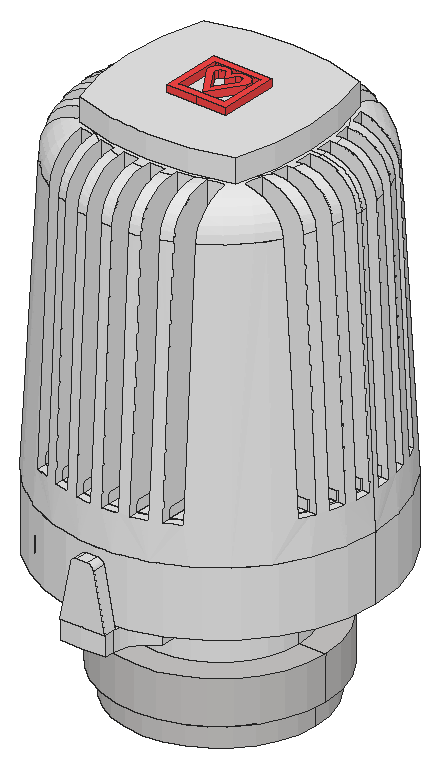
Revit family "HERZ-Thermostatkopf M28x1.5 7230", category Rohrzubehör, Revit 2020
Family settings
  Bemaßung runder Anschluss = Durchmesser verwenden
  Teiletyp = Normal
  OmniClass-Nummer = 23.65.55.14
  OmniClass-Titel = Valves for Liquid Services
  Arbeitsebenenbasiert = Nein
  Immer vertikal = Nein
  Beim Laden mit Abzugskörper schneiden = Nein
  Gemeinsam genutzt = Nein
Parameters
  automatische Frostsicherung = "bei ca. 6°C"  # constant formula
  W02 = 120.00°  # constant formula
  W01 = 135.00°  # constant formula
  Vorgabe-Ansicht = 0.000 mm
  URL = "www.herz-armaturen.at"
  Sollwerbereich = "0 - 28°C"  # constant formula
  S02 = 60.000 mm  # constant formula
  S01 = H02 + H07  # 76.000 mm
  R07 = 6.000 mm  # constant formula
  R06 = 24.000 mm  # constant formula
  R05 = 16.350 mm  # constant formula
  R04 = 14.750 mm  # constant formula
  R03 = 13.200 mm  # constant formula
  R02 = 12.200 mm  # constant formula
  R01 = 22.400 mm  # constant formula
  Hersteller = "HERZ Armaturen Ges.m.b.H."  # constant formula
  Handrad = "Kunststoff, weiß"  # constant formula
  H09 = 3.500 mm  # constant formula
  H08 = 10.000 mm  # constant formula
  H07 = 59.000 mm  # constant formula
  H06 = 3.000 mm  # constant formula
  H05 = 10.500 mm  # constant formula
  H03 = 5.500 mm  # constant formula
  H02 = 17.000 mm  # constant formula
  H01 = 34.000 mm  # constant formula
  Funktionsweise = "Der HERZ-Thermostat dient als Fühl- und Regelelement.\r\nDurch die Volumsänderung der Flüssigkeitsfüllung im HERZ-Hydrosensor wird die Schubspindel des Ventils bewegt."
  Bestellnummer = 1723006  # constant formula
  Ausführung = "Heizkörperthermostat mit Flüssigkeitsfühler (Hydrosensor)\r\nmit Stellung „0“, Frostsicherung einstellbar, mit Begrenzung und Blockierung des Sollwertbereiches. Handradfarbe weiß."
  Anwendungen = "Zur Montage auf allen HERZ-Ventilen, die für thermostatischen Betrieb eingerichtet sind."
Reference planes
  plane 1 "Mitte (Vorne/hinten)": y = 0
  plane 2: z = 0
  plane 3 "Mitte (Links/rechts)": x = 0
Forms (mm)
  Revolve 1, solid, material "Kunststoff weiß", detail levels fine
    sketch origin (0, 0, 0) x (1, 0, 0) y (0, 0, 1)
      loop
        line (0, 0) -> (13.2, 0) -> (13.2, 4.5) -> (12.2, 5.5) -> (12.2, 17) -> (22.4, 17) -> (22.4, 34) -> (0, 34) -> (0, 0)
      axis (0, 34) -> (0, 0)
    angle from 0 to 360
  Revolve 2, solid, material "Messing verzinkt", detail levels fine
    sketch origin (0, 0, 0) x (1, 0, 0) y (0, 0, 1)
      loop
        line (0, 5.5) -> (13.2, 5.5) -> (13.2, -3.063) -> (14.75, -3.063) -> (14.75, -0.063) -> (16.35, 0.861) -> (16.35, 7.437) -> (0, 7.437) -> (0, 5.5)
      axis (0, 7.437) -> (0, -3.063)
    angle from 0 to 360
  Revolve 3, solid, material "Kunststoff weiß", detail levels fine
    sketch origin (0, 0, 0) x (1, 0, 0) y (0, 0, 1)
      loop
        line (0, 17) -> (24, 17) -> (24, 27) -> (21.791, 70.306)
        arc (21.791, 70.306) -> (19.931, 74.349) -> (15.798, 76) r 6
        line (15.798, 76) -> (0, 76) -> (0, 17)
      axis (0, 76) -> (0, 17)
    angle from 0 to 360
  Extrusion 4, void
    sketch origin (0, 0, 0) x (1, 0, 0) y (0, 1, 0)
      loop
        line (24.458, 0.8) -> (24.458, 3.2) -> (14.361, 3.2)
        arc (14.361, 3.2) -> (14.446, 2.001) -> (14.491, 0.8) r 37
        line (14.491, 0.8) -> (24.458, 0.8)
      loop
        line (24.458, 4.8) -> (24.458, 7.2) -> (13.793, 7.2)
        arc (13.793, 7.2) -> (14.01, 6.003) -> (14.187, 4.8) r 37
        line (14.187, 4.8) -> (24.458, 4.8)
      loop
        line (24.458, 8.8) -> (24.458, 11.2) -> (12.764, 11.2)
        arc (12.764, 11.2) -> (13.121, 10.006) -> (13.438, 8.8) r 37
        line (13.438, 8.8) -> (24.458, 8.8)
      loop
        line (24.458, -0.8) -> (14.491, -0.8)
        arc (14.491, -0.8) -> (14.446, -2.001) -> (14.361, -3.2) r 37
        line (14.361, -3.2) -> (24.458, -3.2) -> (24.458, -0.8)
      loop
        line (24.458, -4.8) -> (14.187, -4.8)
        arc (14.187, -4.8) -> (14.01, -6.003) -> (13.793, -7.2) r 37
        line (13.793, -7.2) -> (24.458, -7.2) -> (24.458, -4.8)
      loop
        line (24.458, -8.8) -> (13.438, -8.8)
        arc (13.438, -8.8) -> (13.121, -10.006) -> (12.764, -11.2) r 37
        line (12.764, -11.2) -> (24.458, -11.2) -> (24.458, -8.8)
      loop
        line (-24.458, 0.8) -> (-14.491, 0.8)
        arc (-14.491, 0.8) -> (-14.446, 2.001) -> (-14.361, 3.2) r 37
        line (-14.361, 3.2) -> (-24.458, 3.2) -> (-24.458, 0.8)
      loop
        line (-24.458, 4.8) -> (-14.187, 4.8)
        arc (-14.187, 4.8) -> (-14.01, 6.003) -> (-13.793, 7.2) r 37
        line (-13.793, 7.2) -> (-24.458, 7.2) -> (-24.458, 4.8)
      loop
        line (-24.458, 8.8) -> (-13.438, 8.8)
        arc (-13.438, 8.8) -> (-13.121, 10.006) -> (-12.764, 11.2) r 37
        line (-12.764, 11.2) -> (-24.458, 11.2) -> (-24.458, 8.8)
      loop
        line (-24.458, -0.8) -> (-24.458, -3.2) -> (-14.361, -3.2)
        arc (-14.361, -3.2) -> (-14.446, -2.001) -> (-14.491, -0.8) r 37
        line (-14.491, -0.8) -> (-24.458, -0.8)
      loop
        line (-24.458, -4.8) -> (-24.458, -7.2) -> (-13.793, -7.2)
        arc (-13.793, -7.2) -> (-14.01, -6.003) -> (-14.187, -4.8) r 37
        line (-14.187, -4.8) -> (-24.458, -4.8)
      loop
        line (-24.458, -8.8) -> (-24.458, -11.2) -> (-12.764, -11.2)
        arc (-12.764, -11.2) -> (-13.121, -10.006) -> (-13.438, -8.8) r 37
        line (-13.438, -8.8) -> (-24.458, -8.8)
      loop
        line (0.8, 24.458) -> (0.8, 14.491)
        arc (0.8, 14.491) -> (2.001, 14.446) -> (3.2, 14.361) r 37
        line (3.2, 14.361) -> (3.2, 24.458) -> (0.8, 24.458)
      loop
        line (4.8, 24.458) -> (4.8, 14.187)
        arc (4.8, 14.187) -> (6.003, 14.01) -> (7.2, 13.793) r 37
        line (7.2, 13.793) -> (7.2, 24.458) -> (4.8, 24.458)
      loop
        line (8.8, 24.458) -> (8.8, 13.438)
        arc (8.8, 13.438) -> (10.006, 13.121) -> (11.2, 12.764) r 37
        line (11.2, 12.764) -> (11.2, 24.458) -> (8.8, 24.458)
      loop
        line (-0.8, 24.458) -> (-3.2, 24.458) -> (-3.2, 14.361)
        arc (-3.2, 14.361) -> (-2.001, 14.446) -> (-0.8, 14.491) r 37
        line (-0.8, 14.491) -> (-0.8, 24.458)
      loop
        line (-4.8, 24.458) -> (-7.2, 24.458) -> (-7.2, 13.793)
        arc (-7.2, 13.793) -> (-6.003, 14.01) -> (-4.8, 14.187) r 37
        line (-4.8, 14.187) -> (-4.8, 24.458)
      loop
        line (-8.8, 24.458) -> (-11.2, 24.458) -> (-11.2, 12.764)
        arc (-11.2, 12.764) -> (-10.006, 13.121) -> (-8.8, 13.438) r 37
        line (-8.8, 13.438) -> (-8.8, 24.458)
      loop
        line (0.8, -24.458) -> (3.2, -24.458) -> (3.2, -14.361)
        arc (3.2, -14.361) -> (2.001, -14.446) -> (0.8, -14.491) r 37
        line (0.8, -14.491) -> (0.8, -24.458)
      loop
        line (4.8, -24.458) -> (7.2, -24.458) -> (7.2, -13.793)
        arc (7.2, -13.793) -> (6.003, -14.01) -> (4.8, -14.187) r 37
        line (4.8, -14.187) -> (4.8, -24.458)
      loop
        line (8.8, -24.458) -> (11.2, -24.458) -> (11.2, -12.764)
        arc (11.2, -12.764) -> (10.006, -13.121) -> (8.8, -13.438) r 37
        line (8.8, -13.438) -> (8.8, -24.458)
      loop
        line (-0.8, -24.458) -> (-0.8, -14.491)
        arc (-0.8, -14.491) -> (-2.001, -14.446) -> (-3.2, -14.361) r 37
        line (-3.2, -14.361) -> (-3.2, -24.458) -> (-0.8, -24.458)
      loop
        line (-4.8, -24.458) -> (-4.8, -14.187)
        arc (-4.8, -14.187) -> (-6.003, -14.01) -> (-7.2, -13.793) r 37
        line (-7.2, -13.793) -> (-7.2, -24.458) -> (-4.8, -24.458)
      loop
        line (-8.8, -24.458) -> (-8.8, -13.438)
        arc (-8.8, -13.438) -> (-10.006, -13.121) -> (-11.2, -12.764) r 37
        line (-11.2, -12.764) -> (-11.2, -24.458) -> (-8.8, -24.458)
    from 32.5 to 78
  Extrusion 5, solid, material "Kunststoff weiß", detail levels fine
    sketch origin (0, 0, 0) x (1, 0, 0) y (0, 1, 0)
      loop
        arc (12, 12) -> (0, 14) -> (-12, 12) r 37
        arc (-12, 12) -> (-14, 0) -> (-12, -12) r 37
        arc (-12, -12) -> (0, -14) -> (12, -12) r 37
        arc (12, -12) -> (14, 0) -> (12, 12) r 37
    from 76 to 79.5
  Extrusion 6, solid, material "Kunststoff weiß", detail levels fine
    sketch origin (0.017, -0.017, 0) x (0, -1, 0) y (1, 0, 0)
      loop
        line (14.714, 6.983) -> (14.714, -7.017) -> (19.645, -7.017)
        arc (19.645, -7.017) -> (21.761, -4.508) -> (24.882, -3.488) r 6
        line (24.882, -3.488) -> (26.272, -3.488)
        arc (26.272, -3.488) -> (26.5, 0) -> (26.267, 3.488) r 26.5
        line (26.267, 3.488) -> (24.882, 3.488)
        arc (24.882, 3.488) -> (21.777, 4.497) -> (19.66, 6.983) r 6
        line (19.66, 6.983) -> (14.714, 6.983)
    from 14 to 17
  Extrusion 7, solid, material "Kunststoff weiß", detail levels fine
    sketch origin (0.017, -0.017, 0) x (1, 0, 0) y (0, 0, 1)
      loop
        arc (-0.8, 26.1) -> (-1.432, 25.875) -> (-1.779, 25.302) r 1
        line (-1.779, 25.302) -> (-3.488, 17) -> (3.488, 17) -> (1.779, 25.302)
        arc (1.779, 25.302) -> (1.432, 25.875) -> (0.8, 26.1) r 1
        line (0.8, 26.1) -> (-0.8, 26.1)
    from 26.5 to 24.5
Cuts and joins
  Extrusion 4 cuts Revolve 1
  Extrusion 4 cuts Revolve 3
Lines and regions (mm)
  model lines, detail levels coarse+medium
    curve 1: line (0, 0, 0) -> (0, 0, 16)
    curve 2: line (0, 0, 0) -> (0, 16, 0)
    curve 3: circle (0, 0, 46) r 30 normal (0, -1, 0)
    curve 4: circle (0, 0, 46) r 30 normal (1, 0, 0)
    curve 5: line (0, 0, 26) -> (0, 0, 66)
    curve 6: line (0, 17.5, 66) -> (0, -17.5, 66)
    curve 7: line (0, 0, 26) -> (0, 0, 66)
    curve 8: line (-17.5, 0, 66) -> (17.5, 0, 66)
    curve 9: circle (0, 46, 0) r 30 normal (0, 0, 1)
    curve 10: line (0, 26, 0) -> (0, 66, 0)
    curve 11: line (-17.5, 66, 0) -> (17.5, 66, 0)
Dimensions and locks
  "H01": Revolve 1 sketch curve to Revolve 1 sketch curve
  "H02": Revolve 1 sketch curve to Revolve 1 sketch curve
  "H03": Revolve 1 sketch curve to Revolve 1 sketch curve
  "R01": Revolve 1 sketch curve to Revolve 1 sketch curve
  "R02": Revolve 1 sketch curve to Revolve 1 sketch curve
  "R03": Revolve 1 sketch curve to Revolve 1 sketch curve
  "H05": Revolve 2 sketch curve to Revolve 2 sketch curve
  "H06": Revolve 2 sketch curve to Revolve 2 sketch curve
  "H03": Revolve 2 sketch curve to plane 2
  "R04": Revolve 2 sketch curve to plane 3 "Mitte (Links/rechts)"
  "R03": plane 3 "Mitte (Links/rechts)" to Revolve 2 sketch curve
  "R05": Revolve 2 sketch curve to plane 3 "Mitte (Links/rechts)"
  "H08": Revolve 3 sketch curve to Revolve 3 sketch curve
  "R06": Revolve 3 sketch curve to Revolve 3 sketch curve
  "H02": Revolve 3 sketch curve to plane 2
  "H07": Revolve 3 sketch curve to Revolve 3 sketch curve
  "S01": curve 4 to plane 2
  "S01": curve 3 to plane 2
  "S01": plane 1 "Mitte (Vorne/hinten)" to curve 9
  "R07": radius of Revolve 3 sketch curve
  "S02": diameter of curve 3
  "S02": diameter of curve 4
  "S02": diameter of curve 9
  "W01": angle Revolve 1 sketch curve to Revolve 1 sketch curve
  "W02": angle Revolve 2 sketch curve to Revolve 2 sketch curve
  aligned and locked: level to plane 2
Automatic sketch dimensions
  plane 1 "Mitte (Vorne/hinten)" to Extrusion 5 sketch curve = 0.000 mm  (x2)
  Extrusion 5 sketch curve to plane 3 "Mitte (Links/rechts)" = 0.000 mm  (x2)
  Extrusion 5 sketch curve to plane 3 "Mitte (Links/rechts)" = 23.000 mm
  plane 3 "Mitte (Links/rechts)" to Extrusion 5 sketch curve = 23.000 mm
  plane 1 "Mitte (Vorne/hinten)" to Extrusion 5 sketch curve = 23.000 mm
  Extrusion 5 sketch curve to plane 1 "Mitte (Vorne/hinten)" = 23.000 mm
  Extrusion 5 sketch curve to plane 3 "Mitte (Links/rechts)" = 12.000 mm  (x2)
  plane 3 "Mitte (Links/rechts)" to Extrusion 5 sketch curve = 12.000 mm
  plane 1 "Mitte (Vorne/hinten)" to Extrusion 5 sketch curve = 12.000 mm
  Extrusion 4 sketch curve to Extrusion 4 sketch curve = 0.000 mm  (x58)
  plane 1 "Mitte (Vorne/hinten)" to Extrusion 4 sketch curve = 0.000 mm  (x2)
  Extrusion 4 sketch curve to plane 3 "Mitte (Links/rechts)" = 0.000 mm  (x2)
  Extrusion 4 sketch curve to plane 3 "Mitte (Links/rechts)" = 0.800 mm  (x2)
  Extrusion 4 sketch curve to Extrusion 4 sketch curve = 2.400 mm  (x12)
  Extrusion 4 sketch curve to Extrusion 4 sketch curve = 1.600 mm  (x16)
  Extrusion 4 sketch curve to Extrusion 4 sketch curve = 1.564 mm  (x8)
  Extrusion 4 sketch curve to Extrusion 4 sketch curve = 0.674 mm  (x5)
  Extrusion 4 sketch curve to Extrusion 4 sketch curve = 0.354 mm  (x8)
  Extrusion 4 sketch curve to Extrusion 4 sketch curve = 0.395 mm  (x4)
  Extrusion 4 sketch curve to Extrusion 4 sketch curve = 0.174 mm  (x8)
  plane 1 "Mitte (Vorne/hinten)" to Extrusion 4 sketch curve = 0.800 mm  (x2)
  Extrusion 4 sketch curve to Extrusion 4 sketch curve = 0.130 mm  (x2)
  Extrusion 4 sketch curve to plane 1 "Mitte (Vorne/hinten)" = 0.800 mm  (x2)
  Extrusion 4 sketch curve to Extrusion 4 sketch curve = 8.009 mm  (x3)
  Extrusion 4 sketch curve to Extrusion 4 sketch curve = 1.958 mm  (x7)
  plane 3 "Mitte (Links/rechts)" to Extrusion 4 sketch curve = 0.800 mm  (x2)
  Extrusion 4 sketch curve to Extrusion 4 sketch curve = 11.019 mm
  Extrusion 6 sketch curve to plane 3 "Mitte (Links/rechts)" = 0.000 mm
  plane 1 "Mitte (Vorne/hinten)" to Extrusion 6 sketch curve = 0.017 mm
  Extrusion 6 sketch curve to plane 3 "Mitte (Links/rechts)" = 7.000 mm
  plane 1 "Mitte (Vorne/hinten)" to Extrusion 6 sketch curve = 14.731 mm
  Extrusion 6 sketch curve to Extrusion 6 sketch curve = 4.930 mm
  Extrusion 6 sketch curve to Extrusion 6 sketch curve = 4.946 mm
  Extrusion 6 sketch curve to plane 3 "Mitte (Links/rechts)" = 3.471 mm
  Extrusion 6 sketch curve to Extrusion 6 sketch curve = 5.237 mm
  Extrusion 6 sketch curve to Extrusion 6 sketch curve = 5.222 mm
  Extrusion 6 sketch curve to Extrusion 6 sketch curve = 5.470 mm
  Extrusion 6 sketch curve to Extrusion 6 sketch curve = 0.233 mm
  Extrusion 6 sketch curve to Extrusion 6 sketch curve = 1.390 mm
  plane 3 "Mitte (Links/rechts)" to Extrusion 6 sketch curve = 3.505 mm
  Extrusion 6 sketch curve to Extrusion 6 sketch curve = 3.495 mm
  Extrusion 6 sketch curve to Extrusion 6 sketch curve = 0.000 mm
  Extrusion 7 sketch curve to plane 3 "Mitte (Links/rechts)" = 3.471 mm
  Extrusion 7 sketch curve to plane 3 "Mitte (Links/rechts)" = 1.763 mm
  Extrusion 7 sketch curve to plane 3 "Mitte (Links/rechts)" = 0.783 mm
  plane 3 "Mitte (Links/rechts)" to Extrusion 7 sketch curve = 0.817 mm
  Extrusion 7 sketch curve to Extrusion 7 sketch curve = 0.979 mm
  plane 3 "Mitte (Links/rechts)" to Extrusion 7 sketch curve = 3.505 mm
  level to Extrusion 7 sketch curve = 17.000 mm
  Extrusion 7 sketch curve to Extrusion 7 sketch curve = 8.100 mm
  Extrusion 7 sketch curve to Extrusion 7 sketch curve = 0.000 mm
  Extrusion 7 sketch curve to Extrusion 7 sketch curve = 0.202 mm
  curve 5 to plane 1 "Mitte (Vorne/hinten)" = 0.000 mm
  curve 4 to plane 1 "Mitte (Vorne/hinten)" = 0.000 mm
  plane 1 "Mitte (Vorne/hinten)" to curve 6 = 17.500 mm
  curve 5 to curve 6 = 17.500 mm
  curve 5 to curve 4 = 20.000 mm
  curve 4 to curve 6 = 20.000 mm
  curve 3 to plane 3 "Mitte (Links/rechts)" = 0.000 mm
  curve 7 to plane 3 "Mitte (Links/rechts)" = 0.000 mm
  curve 1 to plane 3 "Mitte (Links/rechts)" = 0.000 mm
  curve 1 to level = 0.000 mm
  curve 8 to plane 3 "Mitte (Links/rechts)" = 17.500 mm
  curve 7 to curve 8 = 17.500 mm
  curve 1 to curve 7 = 10.000 mm
  curve 3 to curve 8 = 20.000 mm
  curve 9 to plane 3 "Mitte (Links/rechts)" = 0.000 mm
  curve 10 to plane 3 "Mitte (Links/rechts)" = 0.000 mm
  curve 2 to plane 3 "Mitte (Links/rechts)" = 0.000 mm
  plane 1 "Mitte (Vorne/hinten)" to curve 2 = 0.000 mm
  curve 11 to curve 10 = 17.500 mm
  plane 3 "Mitte (Links/rechts)" to curve 11 = 17.500 mm
  curve 2 to curve 10 = 10.000 mm
  curve 9 to curve 11 = 20.000 mm
  Revolve 1 sketch curve to level = 0.000 mm
  Revolve 1 sketch curve to plane 3 "Mitte (Links/rechts)" = 0.000 mm  (x2)
  Revolve 1 sketch curve to level = 366.045 mm
  Revolve 1 sketch curve to Revolve 1 sketch curve = 2180.315 mm
  Revolve 2 sketch curve to plane 3 "Mitte (Links/rechts)" = 0.000 mm  (x2)
  level to Revolve 2 sketch curve = 0.861 mm
  Revolve 2 sketch curve to Revolve 2 sketch curve = 362.982 mm
  Revolve 2 sketch curve to Revolve 2 sketch curve = 2206.878 mm
  Revolve 3 sketch curve to plane 3 "Mitte (Links/rechts)" = 0.000 mm  (x2)
  plane 3 "Mitte (Links/rechts)" to Revolve 3 sketch curve = 15.798 mm
  Revolve 3 sketch curve to Revolve 3 sketch curve = 5.992 mm
  Revolve 3 sketch curve to level = 366.045 mm
  Revolve 3 sketch curve to Revolve 3 sketch curve = 2138.315 mm
Nested families
  nested 1: "Herz-Logo" at (0, 0, 79), type "Herz-Logo", detail levels fine
Definition of nested family "Herz-Logo"
  Parameters (values of type "Herz-Logo")
    Default Elevation = 0.000 mm
  Reference planes
    plane 1 "Mitte (Vorne/hinten)": y = 0
    plane 2: z = 0
    plane 3 "Mitte (Links/rechts)": x = 0
  Forms (mm)
    Extrusion 1, solid
      sketch origin (0, 0, 0) x (1, 0, 0) y (0, 1, 0)
        loop
          line (-0.018, -4.517) -> (4.482, -4.517) -> (4.482, 4.483) -> (-4.518, 4.483) -> (-4.518, -4.517) -> (-0.018, -4.517)
        loop
          line (-0.05, -3.48) -> (3.482, -3.48) -> (3.482, 3.483) -> (-3.518, 3.483) -> (-3.518, -3.48) -> (-0.05, -3.48)
        loop
          arc (-0.018, 2.383) -> (-1.543, 3.287) -> (-3.067, 2.383) r 1.738
          arc (-3.067, 2.383) -> (-3.191, 1.899) -> (-3.067, 1.415) r 1.009
          line (-3.067, 1.415) -> (-0.018, -3.281) -> (3.032, 1.415)
          arc (3.032, 1.415) -> (3.156, 1.899) -> (3.032, 2.383) r 1.009
          arc (3.032, 2.383) -> (1.507, 3.287) -> (-0.018, 2.383) r 1.738
        loop
          arc (1.885, 1.272) -> (2.005, 1.675) -> (1.885, 2.079) r 0.74
          arc (1.885, 2.079) -> (1.265, 2.416) -> (0.644, 2.079) r 0.74
          line (0.644, 2.079) -> (-0.018, 0.97) -> (-0.679, 2.079)
          arc (-0.679, 2.079) -> (-1.3, 2.416) -> (-1.921, 2.079) r 0.74
          arc (-1.921, 2.079) -> (-2.04, 1.675) -> (-1.921, 1.272) r 0.74
          line (-1.921, 1.272) -> (-0.018, -1.658) -> (1.885, 1.272)
      from 0 to 1.5
  Dimensions and locks
    aligned and locked: level to plane 2
